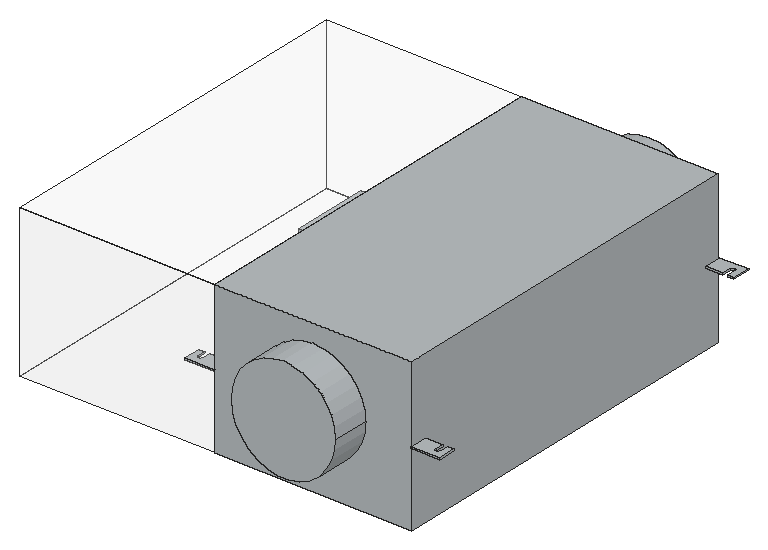
Revit family "3_天吊埋込タイプ 排気消音タイプ 単相100V_3相200V-60", category 機械設備, Revit 2019
Family settings
  丸型コネクタ寸法 = 直径を使用
  パーツ タイプ = 割り込み
  OmniClass 番号 = 23.75.35.17.27
  OmniClass タイトル = Centrifugal Fans
  作業面ベース = いいえ
  常に垂直 = はい
  ロード時にボイドで切り取り = いいえ
  共有 = いいえ
  部屋計算ポイント = はい
Parameters (values of type "BFS-120SHU")
  騒音レベル(dB(A))_吸込 = 41.5
  騒音レベル(dB(A))_吐出 = 47
  騒音レベル(dB(A))_側面 = 35
  騒音レベル(dB(A)) = 47
  風量 [instance] = 設計風量  # 0.0 m³/h
  電源種別 [instance] = "一般"
  電圧 = 100 V
  電動機出力 = 270 W
  電動機_種別 [instance] = ""
  運転質量 = 0.00 kg
  連動 [instance] = ""
  質量 = if(製品質量 > 運転質量, 製品質量, 運転質量) * 1.2  # 33.60 kg
  負荷分類 = 3_ファン類
  説明 = "ストレートシロッコファン天吊埋込タイプ（消音形排気消音タイプ）"
  設計風量 [instance] = 0.0 m³/h
  設置方法 = "天吊"
  記号 [instance] = ""
  製造元 = "三菱電機株式会社"
  製品質量 = 28.00 kg
  製品出荷対象 = "国内"
  製品リリース年月 = "2008年12月1日"
  製品グループ = ""
  系統 [instance] = ""
  符号 [instance] = if(☑給気／□排気, "FS", "FE")  # "FE"
  積算_科目 = "2 換気設備"
  積算_拾い区分 [instance] = ""
  相 = 1
  盤記号 [instance] = ""
  盤工事区分 = "電気工事"
  発停方法 [instance] = "別売スイッチ"
  番手 = "♯1 1/2"
  特殊仕様 [instance] = ""
  火災停止 = ""
  消費電力 = 330 W
  法定耐用年数 = "15"
  機外静圧 [instance] = 0.0 Pa
  極数 = 2
  極 = 4
  材質 [instance] = ""
  本体マテリアル = 溶融亜鉛めっき鋼板
  操作・制御方式 = ""
  操作・制御スイッチ = ""
  排気量 [instance] = if(☑給気／□排気, 0.0 m³/h, 設計風量)  # 0.0 m³/h
  形式 = ""
  形名 = BFS-SHU : BFS-120SHU
  幹線記号 [instance] = ""
  対象室 [instance] = ""
  実風量 = 0.0 m³/h
  始動方式 [instance] = "直入"
  外気量 [instance] = if(☑給気／□排気, 設計風量, 0.0 m³/h)  # 0.0 m³/h
  呼称 = "消音ボックス付送風機"
  周波数 = 60 Hz
  天吊金具ピッチ幅 = 550 mm
  天吊金具ピッチ奥行 = 851 mm
  参照している仕様書等のバージョン = ""
  分類コード = "50052502100020"
  分類グループ = ""
  価格 = 179000
  企業コード = "108420"
  付属品_防振装置 = ""
  付属品 [instance] = ""
  仕様書バージョン = "Version1.0"
  モデル = "BFS-120SHU"
  ファンの種類 = "多翼形"
  ダクト径 = 250 mm
  サービススペース = yes
  コメント [instance] = ""
  Keynote = ""
  ☑給気／□排気 [instance] = no
  Width = 455 mm
  Version = ""
  Uniclass2015Version = "Systems v1.9"
  Uniclass2015Title = "Centrifugal fans"
  Uniclass2015Code = "Pr_65_67_29_12"
  URL = "https://www.mitsubishielectric.co.jp/ldg/wink/ssl/displayProduct.do?pid=173720"
  SpecificationReference = ""
  SpecificationDescription = ""
  Revision = ""
  ProductInformation = ""
  OmniClassCode = "23-33 31 19 13 15"
  MIN風量 = 989.0 m³/h
  MIN静圧 = 179.0 Pa
  MID風量 = 0.0 m³/h
  MID静圧 = 0.0 Pa
  MAX風量 = 1200.0 m³/h
  MAX静圧 = 265.0 Pa
  M = 85 mm
  IfcTypeProduct = ""
  IfcProduct = ""
  IfcExportType = "CENTRIFUGALFORWARDCURVED"
  IfcExportAs = "IfcFanType"
  Height = 350 mm
  Depth = 887 mm
  Clearance Top = 0 mm  # constant formula
  Clearance Right = 0 mm  # constant formula
  Clearance Left = 450 mm  # constant formula
  Clearance Front = 0 mm  # constant formula
  Clearance Bottom = 0 mm  # constant formula
  Clearance Back = 0 mm  # constant formula
  Author = "三菱電機株式会社"
Types (6, lengths in mm): name | 騒音レベル(dB(A))_吸込 | 騒音レベル(dB(A))_吐出 | 騒音レベル(dB(A))_側面 | 騒音レベル(dB(A)) | 電圧 | 電動機出力 | 質量 | 製品質量 | 相 | 消費電力 | 極数 | 形名 | 天吊金具ピッチ幅 | 天吊金具ピッチ奥行 | 価格 | モデル | ダクト径 | Width | URL | MIN風量 | MIN静圧 | MAX風量 | MAX静圧 | M | Depth
  BFS-120SHU | 41.5 | 47 | 35 | 47 | 100 V | 270 W | 33.60 kg | 28.00 kg | 1 | 330 W | 2 | BFS-SHU : BFS-120SHU | 550 | 851 | 179000 | "BFS-120SHU" | 250 | 455 | "https://www.mitsubishielectric.co.jp/ldg/wink/ssl/displayProduct.do?pid=173720" | 989.0 m³/h | 179.0 Pa | 1200.0 m³/h | 265.0 Pa | 85 | 887
  BFS-150SHU | 42.5 | 50 | 37 | 50 | 100 V | 300 W | 36.00 kg | 30.00 kg | 1 | 480 W | 2 | BFS-SHU : BFS-150SHU | 550 | 1005 | 186000 | "BFS-150SHU" | 250 | 455 | "https://www.mitsubishielectric.co.jp/ldg/wink/ssl/displayProduct.do?pid=173725" | 1164.0 m³/h | 179.0 Pa | 1500.0 m³/h | 294.0 Pa | 85 | 1041
  BFS-120THU | 41.5 | 47 | 35 | 47 | 200 V | 240 W | 33.60 kg | 28.00 kg | 3 | 330 W | 3 | BFS-THU : BFS-120THU | 550 | 851 | 179000 | "BFS-120THU" | 250 | 455 | "https://www.mitsubishielectric.co.jp/ldg/wink/ssl/displayProduct.do?pid=173721" | 789.0 m³/h | 119.0 Pa | 1200.0 m³/h | 265.0 Pa | 85 | 887
  BFS-150THU | 42.5 | 50 | 37 | 50 | 200 V | 300 W | 36.00 kg | 30.00 kg | 3 | 455 W | 3 | BFS-THU : BFS-150THU | 550 | 1005 | 186000 | "BFS-150THU" | 250 | 455 | "https://www.mitsubishielectric.co.jp/ldg/wink/ssl/displayProduct.do?pid=173724" | 995.0 m³/h | 129.0 Pa | 1500.0 m³/h | 294.0 Pa | 85 | 1041
  BFS-180THU | 43.5 | 51 | 38 | 51 | 200 V | 550 W | 38.40 kg | 32.00 kg | 3 | 565 W | 3 | BFS-THU : BFS-180THU | 600 | 1005 | 218000 | "BFS-180THU" | 250 | 505 | "https://www.mitsubishielectric.co.jp/ldg/wink/ssl/displayProduct.do?pid=173723" | 0.0 m³/h | 0.0 Pa | 1800.0 m³/h | 314.0 Pa | 85 | 1041
  BFS-210THU | 45 | 52 | 39.5 | 52 | 200 V | 750 W | 40.80 kg | 34.00 kg | 3 | 680 W | 3 | BFS-THU : BFS-210THU | 620 | 1142 | 270000 | "BFS-210THU" | 300 | 525 | "https://www.mitsubishielectric.co.jp/ldg/wink/ssl/displayProduct.do?pid=173722" | 0.0 m³/h | 0.0 Pa | 2100.0 m³/h | 322.0 Pa | 100 | 1178
Reference planes
  plane 1 "中心(正面/背面)": y = 0
  plane 2: z = 0
  plane 3 "中心(左/右)": x = 0
  plane 4 "4": x = 0
  plane 5 "3": x = 0
  plane 6 "左": x = -227.5
  plane 7 "右": x = 227.5
  plane 8 "背面": y = 443.5
  plane 9 "正面": y = -443.5
  plane 10: z = 175
  plane 11: y = 425.5
  plane 12: y = -425.5
  plane 13: x = 275
  plane 14: x = -275
  plane 15: z = -175
  plane 16: z = 175
  plane 17: z = -175
  plane 18: y = 443.5
  plane 19: y = -443.5
  plane 20: x = 227.5
  plane 21: x = -677.5
Dimensions and locks
  equal spacing: plane 6 "左", plane 5 "3", plane 7 "右"
  "Width": plane 6 "左" to plane 7 "右"
  equal spacing: plane 9 "正面", plane 1 "中心(正面/背面)", plane 8 "背面"
  "Depth": plane 9 "正面" to plane 8 "背面"
  equal spacing: plane 10, level, plane 15
  "Height": plane 10 to plane 15
  "Clearance Top": plane 16 to plane 10
  "Clearance Bottom": plane 15 to plane 17
  "Clearance Back": plane 8 "背面" to plane 18
  "Clearance Front": plane 19 to plane 9 "正面"
  "Clearance Left": plane 21 to plane 6 "左"
  "Clearance Right": plane 7 "右" to plane 20
  equal spacing: plane 12, plane 1 "中心(正面/背面)", plane 11
  "天吊金具ピッチ奥行": plane 12 to plane 11
  equal spacing: plane 14, plane 5 "3", plane 13
  "天吊金具ピッチ幅": plane 14 to plane 13
  aligned and locked: level to plane 2
  aligned and locked: nested 1 to plane 11
  aligned and locked: plane 12 to nested 1
  aligned and locked: plane 14 to nested 1
  aligned and locked: plane 13 to nested 1
  aligned and locked: plane 21 to nested 2
  aligned and locked: plane 19 to nested 2
  aligned and locked: plane 16 to nested 2
  aligned and locked: plane 17 to nested 2
  aligned and locked: plane 18 to nested 2
  aligned and locked: plane 6 "左" to nested 2
  aligned and locked: nested 3 to plane 5 "3"
  aligned and locked: plane 1 "中心(正面/背面)" to nested 3
  aligned and locked: plane 10 to nested 3
Nested families
  nested 1: "固定点" at (-275, -425.5, 0), type "固定点"
    with W 550 mm, D 851 mm
  nested 2: "サービススペース" at (-452.5, 0, 0), visible <- "サービススペース", type "サービススペース"
    with Width 450 mm, Height 350 mm, Depth 887 mm
  nested 3: "BFS-SHU" at (0, 0, -175) x (0, -1, 0) z (0, 0, 1), type <- "形名", type "BFS-120SHU"
Connectors
  hvac at (0, -528.5, 12), driven by "ダクト径", driven by "機外静圧", driven by "風量"
    settings: on nested 3, index 2, duct flow 0.0 m³/h, flow factor 0, pres drop 0.0 Pa, loss coef 0, conn angle 0.00°, conn width 304.8 mm, conn height 304.8 mm, conn diameter 250 mm, duct sys type 29, conn prof type 0, flow config 0, flow direction 2, loss method 4, conn ref index -1, conn util no, is conn primary yes, conn desc "Out"
  hvac at (0, 528.5, 12), driven by "ダクト径", driven by "機外静圧", driven by "風量"
    settings: on nested 3, index 3, duct flow 0.0 m³/h, flow factor 0, pres drop 0.0 Pa, loss coef 0, conn angle 0.00°, conn width 304.8 mm, conn height 304.8 mm, conn diameter 250 mm, duct sys type 29, conn prof type 0, flow config 0, flow direction 1, loss method 4, conn ref index -1, conn util no, is conn primary no, conn desc "In"
  electrical at (-263.3, -66, 74), driven by "極数", driven by "負荷分類", driven by "電圧", driven by "消費電力"
    settings: on nested 3, index 4, voltage 100 V, apparent load 330 VA, apparent load phase1 0 VA, apparent load phase2 0 VA, apparent load phase3 0 VA, power factor 1, load classification "3_ファン類", number of poles 2, system type 30, power factor state 1, is connector primary yes, connector utility no, sub classification motor no, connector description ""
Definition of nested family "サービススペース"
  Parameters (values of type "サービススペース")
    Width [instance] = 500 mm
    Height [instance] = 500 mm
    Depth [instance] = 500 mm
  Reference planes
    plane 1 "中心(正面/背面)": y = 0
    plane 2: z = 0
    plane 3 "中心(左/右)": x = 0
    plane 4: y = -250
    plane 5: x = 250
    plane 6: y = 250
    plane 7: x = -250
    plane 8: z = 250
    plane 9: z = -250
  Forms (mm)
    Extrusion 1, solid
      sketch origin (-638.939, 0, 72.39) x (1, 0, 0) y (0, 1, 0)
        loop
          line (388.939, 250) -> (388.939, -250) -> (888.939, -250) -> (888.939, 250) -> (388.939, 250)
      from -322.39 to 177.61
  Lines and regions (mm)
    symbolic lines
      curve 1: line (-250, 0, 250) -> (250, 0, 250)
      curve 2: line (-250, 0, -250) -> (-250, 0, 250)
      curve 3: line (250, 0, -250) -> (-250, 0, -250)
      curve 4: line (250, 0, 250) -> (250, 0, -250)
      curve 5: line (0, -250, 250) -> (0, 250, 250)
      curve 6: line (0, -250, -250) -> (0, -250, 250)
      curve 7: line (0, 250, -250) -> (0, -250, -250)
      curve 8: line (0, 250, 250) -> (0, 250, -250)
      curve 9: line (-250, 250, 0) -> (250, 250, 0)
      curve 10: line (-250, -250, 0) -> (-250, 250, 0)
      curve 11: line (250, -250, 0) -> (-250, -250, 0)
      curve 12: line (250, 250, 0) -> (250, -250, 0)
  Dimensions and locks
    equal spacing: plane 7, plane 3 "中心(左/右)", plane 5
    equal spacing: plane 4, plane 1 "中心(正面/背面)", plane 6
    "Depth": plane 4 to plane 6
    "Width": plane 7 to plane 5
    equal spacing: plane 8, plane 2, plane 9
    "Height": plane 8 to plane 9
    aligned and locked: plane 9 to curve 3
    aligned and locked: plane 7 to curve 2
    aligned and locked: curve 4 to plane 5
    aligned and locked: plane 5 to Extrusion 1
    aligned and locked: Extrusion 1 to plane 7
    aligned and locked: Extrusion 1 to plane 9
    aligned and locked: plane 8 to Extrusion 1
    aligned and locked: plane 9 to curve 7
  Automatic sketch dimensions
    plane 4 to Extrusion 1 sketch curve = 0 mm
    Extrusion 1 sketch curve to plane 7 = 0 mm
    Extrusion 1 sketch curve to plane 5 = 0 mm
    plane 6 to Extrusion 1 sketch curve = 0 mm
    curve 2 to plane 8 = 0 mm
    plane 4 to curve 11 = 0 mm
    curve 11 to plane 7 = 0 mm
    curve 11 to plane 5 = 0 mm
    plane 6 to curve 10 = 0 mm
    curve 7 to plane 4 = 0 mm
    curve 7 to plane 6 = 0 mm
    curve 6 to plane 8 = 0 mm
Definition of nested family "BFS-SHU"
  Parameters (values of type "BFS-150SHU")
    端子カバー高 = 155 mm  # constant formula
    端子カバー手前位置 = 341 mm
    端子カバー幅 = 35.8 mm  # constant formula
    端子カバー奥行 = 181 mm  # constant formula
    端子カバー上位置 = 23.5 mm
    吊りボルト幅 = 1005 mm
    吊りボルト奥行 = 550 mm
    マテリアル = none
    ダクト位置高 = 163 mm  # constant formula
    φ = 242 mm
    b = 389 mm
    a = 85 mm
    W = 1041 mm
    H = 350 mm
    c = 341 mm
    D = 455 mm
  Types (2, lengths in mm): name | 端子カバー手前位置 | 吊りボルト幅 | W | c
    BFS-120SHU | 287 | 851 | 887 | 287
    BFS-150SHU | 341 | 1005 | 1041 | 341
  Reference planes
    plane 1 "中心(正面/背面)": y = 0
    plane 2: z = 0
    plane 3 "中心(左/右)": x = 0
    plane 4: y = 227.5
    plane 5: y = 275
    plane 6: y = 295
    plane 7: y = -227.5
    plane 8: y = -275
    plane 9: y = -295
    plane 10: x = -520.5
    plane 11: x = -502.5
    plane 12: x = -523.5
    plane 13: x = 520.5
    plane 14: x = 502.5
    plane 15: x = 523.5
    plane 16: z = 350
    plane 17: z = 600
    plane 18: z = 900
    plane 19: z = 1200
    plane 20: x = -209.5
    plane 21: x = 179.5
    plane 22: x = 605.5
    plane 23: x = -605.5
    plane 24: z = 175
    plane 25: z = 172
    plane 26: z = 134
    plane 27: x = -482.5
    plane 28: z = 157
    plane 29: x = 482.5
    plane 30: y = 230.5
    plane 31: x = -1.5
    plane 32: z = 350
    plane 33: z = 171.5
    plane 34: y = -263.3
    plane 35: z = 326.5
    plane 36: z = 187
  Forms (mm)
    Extrusion 1, solid, material <- "マテリアル", detail levels fine
      sketch origin (0, 0, 0) x (1, 0, 0) y (0, 1, 0)
        loop
          line (-520.5, 227.5) -> (-520.5, -227.5) -> (520.5, -227.5) -> (520.5, 227.5) -> (-520.5, 227.5)
      from 0 to 350
    Extrusion 2, solid, material <- "マテリアル", detail levels fine
      sketch origin (0, 0, 0) x (1, 0, 0) y (0, 1, 0)
        loop
          line (-523.5, -227.5) -> (-523.5, -295) -> (-482.5, -295) -> (-482.5, -280.5) -> (-502.5, -280.5)
          arc (-502.5, -280.5) -> (-508, -275) -> (-502.5, -269.5) r 5.5
          line (-502.5, -269.5) -> (-482.5, -269.5) -> (-482.5, -227.5) -> (-523.5, -227.5)
      from 172 to 175
    Extrusion 3, solid, material <- "マテリアル", detail levels fine
      sketch origin (0, 0, 0) x (1, 0, 0) y (0, 1, 0)
        loop
          line (-523.5, 227.5) -> (-482.5, 227.5) -> (-482.5, 269.5) -> (-502.5, 269.5)
          arc (-502.5, 269.5) -> (-508, 275) -> (-502.5, 280.5) r 5.5
          line (-502.5, 280.5) -> (-482.5, 280.5) -> (-482.5, 295) -> (-523.5, 295) -> (-523.5, 227.5)
      from 172 to 175
    Extrusion 4, solid, material <- "マテリアル", detail levels fine
      sketch origin (0, 0, 0) x (-1, 0, 0) y (0, -1, 0)
        loop
          line (-523.5, 227.5) -> (-482.5, 227.5) -> (-482.5, 269.5) -> (-502.5, 269.5)
          arc (-502.5, 269.5) -> (-508, 275) -> (-502.5, 280.5) r 5.5
          line (-502.5, 280.5) -> (-482.5, 280.5) -> (-482.5, 295) -> (-523.5, 295) -> (-523.5, 227.5)
      from 172 to 175
    Extrusion 5, solid, material <- "マテリアル", detail levels fine
      sketch origin (0, 0, 0) x (0, 1, 0) y (0, 0, 1)
        loop
          circle (0, 187) r 121
      from -520.5 to -605.5
    Extrusion 6, solid, material <- "マテリアル", detail levels fine
      sketch origin (0, 0, 0) x (0, 1, 0) y (0, 0, -1)
        loop
          circle (0, -187) r 121
      from -520.5 to -605.5
    Extrusion 7, solid, material <- "マテリアル", detail levels fine
      sketch origin (0, 0, 0) x (1, 0, 0) y (0, 0, 1)
        loop
          line (179.5, 326.5) -> (-1.5, 326.5) -> (-1.5, 171.5) -> (179.5, 171.5) -> (179.5, 326.5)
      from 227.5 to 263.3
    Extrusion 8, solid, material <- "マテリアル", detail levels fine
      sketch origin (0, 0, 0) x (-1, 0, 0) y (0, -1, 0)
        loop
          line (-523.5, -227.5) -> (-523.5, -295) -> (-482.5, -295) -> (-482.5, -280.5) -> (-502.5, -280.5)
          arc (-502.5, -280.5) -> (-508, -275) -> (-502.5, -269.5) r 5.5
          line (-502.5, -269.5) -> (-482.5, -269.5) -> (-482.5, -227.5) -> (-523.5, -227.5)
      from 172 to 175
  Dimensions and locks
    plane 12 to plane 15 = 1047 mm
    "吊りボルト幅": plane 11 to plane 14
    "W": plane 10 to plane 13
    plane 9 to plane 6 = 590 mm
    "吊りボルト奥行": plane 8 to plane 5
    "D": plane 7 to plane 4
    equal spacing: plane 7, plane 1 "中心(正面/背面)", plane 4
    equal spacing: plane 10, plane 3 "中心(左/右)", plane 13
    "H": plane 16 to level
    locked: plane 5 to plane 6 at 20
    locked: plane 9 to plane 8 at 20
    locked: plane 13 to plane 15 at 3
    locked: plane 12 to plane 10 at 3
    equal spacing: plane 16, plane 24, level
    locked: plane 24 to plane 25 at 3
    locked: plane 24 to plane 26 at 41
    locked: plane 12 to plane 27 at 41
    locked: plane 25 to plane 28 at 15
    locked: plane 29 to plane 15 at 41
    locked: plane 30 to plane 4 at 3
    "a": plane 23 to plane 10
    "a": plane 13 to plane 22
    "端子カバー手前位置": plane 13 to plane 21
    "b": plane 21 to plane 20
    "端子カバー奥行": plane 21 to plane 31
    "端子カバー幅": plane 34 to plane 7
    equal spacing: plane 11, plane 3 "中心(左/右)", plane 14
    equal spacing: plane 8, plane 1 "中心(正面/背面)", plane 5
    "端子カバー上位置": plane 32 to plane 35
    "ダクト位置高": plane 32 to plane 36
    "端子カバー高": plane 35 to plane 33
    "φ": diameter of Extrusion 5 sketch curve
    "φ": diameter of Extrusion 6 sketch curve
    aligned and locked: level to plane 2
    aligned and locked: plane 4 to Extrusion 1 sketch curve
    aligned and locked: plane 10 to Extrusion 1 sketch curve
    aligned and locked: Extrusion 1 sketch curve to plane 7
    aligned and locked: Extrusion 1 sketch curve to plane 13
    aligned and locked: plane 16 to Extrusion 1
    aligned and locked: plane 7 to Extrusion 2 sketch curve
    aligned and locked: plane 12 to Extrusion 2 sketch curve
    aligned and locked: Extrusion 2 sketch curve to plane 9
    aligned and locked: Extrusion 2 sketch curve to plane 27  (x2)
    aligned and locked: plane 11 to Extrusion 2 sketch curve
    aligned and locked: plane 8 to Extrusion 2 sketch curve
    aligned and locked: plane 24 to Extrusion 2
    aligned and locked: Extrusion 2 to plane 25
    aligned and locked: plane 27 to Extrusion 3 sketch curve  (x2)
    aligned and locked: plane 5 to Extrusion 3 sketch curve
    aligned and locked: plane 11 to Extrusion 3 sketch curve
    aligned and locked: Extrusion 3 sketch curve to plane 6
    aligned and locked: Extrusion 3 sketch curve to plane 12
    aligned and locked: plane 4 to Extrusion 3 sketch curve
    aligned and locked: plane 24 to Extrusion 3
    aligned and locked: Extrusion 3 to plane 25
    aligned and locked: plane 9 to Extrusion 4 sketch curve
    aligned and locked: plane 15 to Extrusion 4 sketch curve
    aligned and locked: Extrusion 4 sketch curve to plane 7
    aligned and locked: Extrusion 4 sketch curve to plane 29  (x2)
    aligned and locked: plane 14 to Extrusion 4 sketch curve
    aligned and locked: plane 8 to Extrusion 4 sketch curve
    aligned and locked: Extrusion 4 to plane 25
    aligned and locked: plane 24 to Extrusion 4
    aligned and locked: plane 1 "中心(正面/背面)" to Extrusion 5 sketch curve
    aligned and locked: Extrusion 5 to plane 23
    aligned and locked: plane 1 "中心(正面/背面)" to Extrusion 6 sketch curve
    aligned and locked: plane 22 to Extrusion 6
    aligned and locked: plane 21 to Extrusion 7 sketch curve
    aligned and locked: Extrusion 7 sketch curve to plane 33
    aligned and locked: Extrusion 7 sketch curve to plane 31
    aligned and locked: Extrusion 7 to plane 7
    aligned and locked: plane 6 to Extrusion 8 sketch curve
    aligned and locked: plane 29 to Extrusion 8 sketch curve  (x2)
    aligned and locked: Extrusion 8 sketch curve to plane 4
    aligned and locked: Extrusion 8 sketch curve to plane 15
    aligned and locked: plane 5 to Extrusion 8 sketch curve
    aligned and locked: plane 14 to Extrusion 8 sketch curve
    aligned and locked: plane 24 to Extrusion 8
    aligned and locked: Extrusion 8 to plane 25
    aligned and locked: plane 35 to Extrusion 7 sketch curve
    aligned and locked: plane 36 to Extrusion 6 sketch curve
    aligned and locked: plane 36 to Extrusion 5 sketch curve
    aligned and locked: Extrusion 6 to plane 13
    aligned and locked: plane 10 to Extrusion 5
    aligned and locked: plane 34 to Extrusion 7
  Automatic sketch dimensions
    Extrusion 2 sketch curve to plane 11 = 0 mm
    plane 8 to Extrusion 2 sketch curve = 5.5 mm
    Extrusion 3 sketch curve to plane 11 = 0 mm
    plane 5 to Extrusion 3 sketch curve = 5.5 mm
    Extrusion 4 sketch curve to plane 14 = 0 mm
    Extrusion 4 sketch curve to plane 8 = 5.5 mm
    Extrusion 8 sketch curve to plane 14 = 0 mm
    Extrusion 8 sketch curve to plane 5 = 5.5 mm
Definition of nested family "固定点"
  Parameters (values of type "固定点")
    中心円 = 11 mm
    W [instance] = 1000 mm
    D [instance] = 1000 mm
  Reference planes
    plane 1 "中心(正面/背面)": y = 0
    plane 2: z = 0
    plane 3 "中心(左/右)": x = 0
    plane 4: x = 1000
    plane 5: y = 1000
  Lines and regions (mm)
    symbolic lines, detail levels fine
      curve 1: circle (0, 1000, 0) r 5.5 normal (0, 0, 1)
      curve 2: circle (0, 0, 0) r 5.5 normal (0, 0, 1)
      curve 3: circle (1000, 1000, 0) r 5.5 normal (0, 0, 1)
      curve 4: circle (1000, 0, 0) r 5.5 normal (0, 0, 1)
      curve 5: line (-200, 1000, 0) -> (1200, 1000, 0)
      curve 6: line (-200, 0, 0) -> (1200, 0, 0)
      curve 7: line (0, 1200, 0) -> (0, -200, 0)
      curve 8: line (1000, 1200, 0) -> (1000, -200, 0)
  Dimensions and locks
    "W": plane 3 "中心(左/右)" to plane 4
    "D": plane 1 "中心(正面/背面)" to plane 5
    "中心円": diameter of curve 1
    "中心円": diameter of curve 2
    "中心円": diameter of curve 3
    "中心円": diameter of curve 4
    aligned and locked: level to plane 2
    aligned and locked: plane 5 to curve 1
    aligned and locked: plane 3 "中心(左/右)" to curve 1
    aligned and locked: plane 3 "中心(左/右)" to curve 2
    aligned and locked: plane 1 "中心(正面/背面)" to curve 2
    aligned and locked: plane 4 to curve 3
    aligned and locked: plane 5 to curve 3
    aligned and locked: plane 1 "中心(正面/背面)" to curve 4
    aligned and locked: plane 4 to curve 4
    aligned and locked: plane 1 "中心(正面/背面)" to curve 6
    aligned and locked: curve 7 to plane 3 "中心(左/右)"
    aligned and locked: curve 8 to plane 4
  Automatic sketch dimensions
    curve 5 to plane 5 = 0 mm
    curve 6 to plane 3 "中心(左/右)" = 200 mm
    curve 5 to plane 3 "中心(左/右)" = 200 mm
    curve 4 to curve 6 = 200 mm
    curve 3 to curve 5 = 200 mm
    plane 1 "中心(正面/背面)" to curve 8 = 200 mm
    plane 1 "中心(正面/背面)" to curve 7 = 200 mm
    curve 3 to curve 8 = 200 mm
    curve 1 to curve 7 = 200 mm
